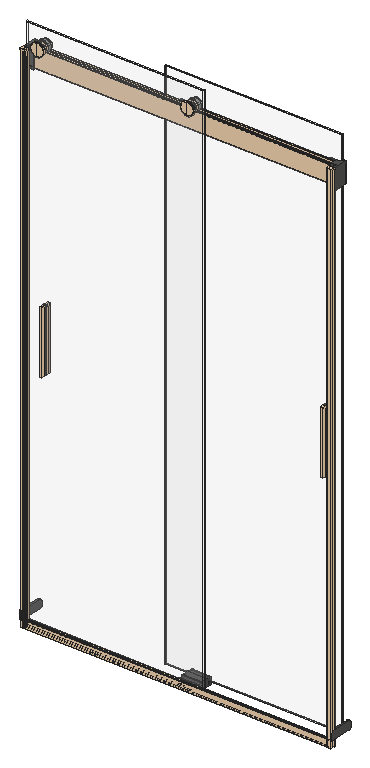
Revit family "Shower-Shower_Door-KOHLER-Levity-K-706375", category Specialty Equipment, host Face, Revit 2021 (continued)
Definition of nested family "K-706375"
  Automatic sketch dimensions
    Masking region 4 sketch curve to Masking region 4 sketch curve = 0.0397"  (x3)
    Masking region 4 sketch curve to Masking region 4 sketch curve = 0.04154"  (x3)
    plane 20 to Masking region 4 sketch curve = 3/16"
    plane 20 to Masking region 4 sketch curve = 0.18712"
    Masking region 4 sketch curve to Masking region 4 sketch curve = 0.00055"
    plane 20 to Masking region 4 sketch curve = 0.1627"
    plane 20 to Masking region 4 sketch curve = 0.15592"
    plane 20 to Masking region 4 sketch curve = 33/256"
    Masking region 4 sketch curve to Masking region 4 sketch curve = 0.02702"
    plane 20 to Masking region 4 sketch curve = 0.00499"
    Masking region 4 sketch curve to plane 20 = 0.00903"
    Masking region 4 sketch curve to plane 20 = 0.10202"
    Masking region 4 sketch curve to Masking region 4 sketch curve = 0.027"
    plane 18 "s4" to Masking region 4 sketch curve = 0.54747"
    plane 18 "s4" to Masking region 4 sketch curve = 0.65912"
    Masking region 4 sketch curve to plane 25 = 0.15592"
    plane 23 to Masking region 4 sketch curve = 0.20048"
    Masking region 4 sketch curve to plane 19 = 0.1122"  (x2)
    Masking region 4 sketch curve to plane 25 = 0.39674"
    Masking region 4 sketch curve to Masking region 4 sketch curve = 0.04281"  (x3)
    Masking region 4 sketch curve to Masking region 4 sketch curve = 0.19751"
    Masking region 4 sketch curve to plane 25 = 0.17688"
    plane 25 to Masking region 4 sketch curve = 0.04387"
    plane 25 to Masking region 4 sketch curve = 0.17516"
    Masking region 4 sketch curve to Masking region 4 sketch curve = 0.25274"
    Masking region 4 sketch curve to Masking region 4 sketch curve = 0.20721"
    Masking region 4 sketch curve to Masking region 4 sketch curve = 0.29588"
    Masking region 4 sketch curve to Masking region 4 sketch curve = 0.12597"
    Masking region 4 sketch curve to Masking region 4 sketch curve = 0.19429"
    Masking region 4 sketch curve to Masking region 4 sketch curve = 0.0129"
    Extrusion 25 sketch curve to plane 24 = 0"
    plane 1 "Center (Front/Back)" to Extrusion 25 sketch curve = 0.22079"
    plane 12 to Extrusion 25 sketch curve = 0.45683"
    plane 20 to Extrusion 28 sketch curve = 3/16"
    Extrusion 28 sketch curve to plane 25 = 0.6762"
    Extrusion 28 sketch curve to plane 25 = 0.15608"
    plane 25 to Extrusion 28 sketch curve = 0.15608"
    plane 23 to Extrusion 28 sketch curve = 0.18346"
    curve 95 to plane 6 = 0"
    curve 105 to plane 6 = 0"
    curve 97 to plane 12 = 0"
    curve 96 to plane 12 = 0"
    curve 102 to plane 12 = 0"
    curve 153 to plane 14 "s2" = 0"
    curve 142 to plane 3 "Center (Left/Right)" = 0"
    curve 199 to plane 19 = 0"
    curve 192 to plane 19 = 0"
    curve 197 to plane 19 = 0"
    curve 194 to plane 5 = 0"
    curve 190 to plane 5 = 0"
    curve 200 to plane 5 = 0"
    curve 95 to curve 95 = 0.02216"
    curve 96 to plane 12 = 0.02069"
    curve 94 to plane 12 = 0.02027"
    plane 1 "Center (Front/Back)" to curve 101 = 0.04655"
    curve 101 to curve 101 = 0.10945"
    curve 100 to curve 103 = 0.23833"
    curve 103 to curve 104 = 0.10905"
    curve 186 to curve 113 = 0.60823"
    curve 108 to curve 109 = 0.00023"
    curve 109 to curve 107 = 0.03977"
    plane 24 to curve 111 = 0.20736"
    curve 109 to curve 111 = 0.04162"
    plane 11 "s1" to curve 126 = 0.7443"
    curve 127 to curve 128 = 0"
    curve 127 to curve 137 = 0.03455"
    curve 132 to curve 137 = 9/256"
    curve 107 to curve 106 = 0.23686"
    curve 138 to curve 133 = 0.02475"
    curve 126 to curve 129 = 0.19684"
    curve 125 to curve 128 = 0.01657"
    plane 13 to curve 121 = 0.10194"
    plane 13 to curve 131 = 0.02619"
    plane 13 to curve 119 = 0.00815"
    curve 133 to plane 13 = 0.09445"
    curve 122 to plane 13 = 0.10197"
    curve 116 to plane 13 = 0.10447"
    curve 133 to curve 135 = 0.03097"
    curve 135 to curve 135 = 0.02969"
    curve 130 to plane 13 = 0.1562"
    curve 117 to curve 118 = 0.08252"
    curve 129 to curve 126 = 0.03346"
    curve 134 to curve 127 = 0.03455"
    curve 122 to curve 114 = 0.23752"
    curve 110 to curve 116 = 0.00161"
    curve 116 to curve 123 = 0.04"
    plane 24 to curve 149 = 0.24892"
    plane 14 "s2" to curve 149 = 0.93569"
    curve 150 to curve 148 = 0.04041"
    curve 149 to curve 147 = 0.04155"
    plane 14 "s2" to curve 165 = 0.7443"
    curve 166 to curve 165 = 0"
    curve 176 to curve 163 = 0.03346"
    curve 166 to curve 166 = 0.03455"
    curve 167 to curve 169 = 0.03003"  (x2)
    curve 169 to curve 168 = 0.03133"
    curve 165 to curve 164 = 0.19684"
    curve 164 to curve 176 = 0.00661"
    curve 175 to plane 14 "s2" = 0.52577"
    curve 175 to curve 179 = 0.02169"
    curve 175 to curve 173 = 0.12459"
    curve 148 to plane 14 "s2" = 0.65912"
    curve 168 to curve 172 = 0.02797"
    curve 172 to curve 171 = 0.03142"
    curve 178 to curve 180 = 0.16338"
    curve 171 to curve 174 = 0.03455"
    curve 179 to curve 177 = 0.03346"
    curve 148 to curve 153 = 0.23502"
    plane 24 to curve 157 = 0.41457"
    curve 153 to curve 157 = 0.00185"
    curve 157 to curve 155 = 0.03971"
    plane 1 "Center (Front/Back)" to curve 142 = 0.04655"
    plane 20 to curve 215 = 0.1562"
    curve 189 to curve 191 = 0.08991"
    plane 19 to curve 198 = 0.02837"
    plane 19 to curve 193 = 0.02874"
    plane 19 to curve 199 = 0.02874"
    plane 5 to curve 198 = 0.02911"
    plane 5 to curve 200 = 0.02874"
    plane 5 to curve 193 = 0.02858"
    curve 120 to curve 122 = 0.0195"
    plane 24 to curve 147 = 0.20736"
    curve 122 to curve 122 = 0.01043"
    curve 121 to curve 121 = 0.02995"
    curve 110 to curve 114 = 0.04162"
    curve 109 to curve 108 = 0.12559"
    curve 156 to curve 157 = 0.03937"
    curve 108 to curve 124 = 0.04"
    plane 1 "Center (Front/Back)" to curve 189 = 0.33981"
    curve 103 to curve 100 = 0.17384"
    curve 190 to curve 193 = 0.02775"
    curve 118 to curve 119 = 0.04341"
    curve 119 to curve 117 = 0.01945"
    curve 179 to plane 1 "Center (Front/Back)" = 0.35633"
    curve 125 to plane 1 "Center (Front/Back)" = 0.35633"
    curve 178 to curve 177 = 0.12547"
    curve 129 to curve 126 = 0.12547"
    curve 177 to curve 175 = 0.18787"
    curve 139 to curve 131 = 0.18787"
    curve 166 to curve 170 = 0.28129"
    curve 134 to curve 136 = 0.28131"
    curve 170 to curve 169 = 0.0013"
    curve 136 to curve 134 = 0.00128"
    curve 171 to curve 173 = 0.00345"
    curve 132 to curve 138 = 0.00623"
    curve 134 to curve 135 = 0.02969"
    curve 216 to plane 25 = 0.35393"
    plane 25 to curve 199 = 0.05113"
    plane 25 to curve 200 = 7/128"
    plane 25 to curve 96 = 0.06136"
    plane 25 to curve 95 = 0.06496"
    curve 218 to curve 127 = 0.56158"
    curve 99 to curve 125 = 0.16338"
    plane 13 to curve 139 = 0.00718"
    curve 116 to curve 118 = 0.05181"
    curve 129 to curve 140 = 0.00604"
    curve 118 to curve 187 = 0.00891"
    curve 130 to curve 99 = 0.0313"
    plane 23 to curve 203 = 0.36788"
    curve 203 to plane 16 "S3" = 0.9358"
    curve 204 to curve 203 = 0"  (x2)
    curve 205 to plane 25 = 0.15592"
    curve 203 to curve 205 = 0.22495"
    plane 25 to curve 201 = 0.15608"
    curve 205 to curve 201 = 0.05172"
    curve 203 to curve 202 = 0.27668"
    curve 205 to curve 206 = 0.16338"
    plane 16 "S3" to curve 206 = 0.54747"
    plane 16 "S3" to curve 202 = 0.65912"
    curve 201 to curve 202 = 0"
    curve 206 to curve 205 = 0.16338"
    curve 202 to curve 203 = 0.27668"
    curve 145 to plane 1 "Center (Front/Back)" = 0.156"
    curve 145 to curve 162 = 0.92124"
    curve 146 to curve 145 = 0"
    curve 162 to curve 161 = 0.05172"
    curve 164 to curve 229 = 0.00272"
    curve 143 to plane 25 = 0.24276"
    curve 171 to curve 143 = 0.43069"
    curve 207 to curve 143 = 0"
    curve 180 to curve 145 = 0.42961"
    curve 144 to curve 143 = 0"
    curve 160 to curve 145 = 0"
    curve 185 to curve 145 = 0"
    plane 20 to curve 210 = 0.38103"
    curve 211 to curve 210 = 0"  (x2)
    curve 213 to curve 216 = 0.0313"
    plane 20 to curve 212 = 3/16"
    plane 20 to curve 209 = 0.15592"
    plane 20 to curve 208 = 33/256"
    curve 209 to curve 214 = 0.05528"
    curve 217 to plane 20 = 0.00718"
    curve 208 to plane 20 = 0.12902"
    plane 18 "s4" to curve 215 = 0.54747"
    plane 18 "s4" to curve 209 = 0.65912"
    plane 25 to curve 212 = 0.15622"
    curve 212 to curve 209 = 0"
    curve 215 to curve 213 = 0.16338"
    curve 209 to curve 210 = 0.27656"
    curve 196 to plane 4 = 0.26384"
    plane 24 to curve 189 = 0.08976"
    plane 24 to curve 104 = 0.08876"
    curve 106 to curve 186 = 0.07258"
    curve 160 to curve 160 = 0.22099"
    plane 1 "Center (Front/Back)" to curve 192 = 0.08606"
    curve 102 to plane 1 "Center (Front/Back)" = 0.04664"
    curve 99 to plane 1 "Center (Front/Back)" = 0.156"
    curve 197 to plane 1 "Center (Front/Back)" = 0.27119"
    curve 102 to curve 97 = 0.23158"
    curve 98 to plane 1 "Center (Front/Back)" = 0.4011"
    curve 163 to curve 146 = 0.04478"
    curve 196 to plane 1 "Center (Front/Back)" = 0.4011"
    curve 139 to curve 140 = 0.04478"
    curve 145 to curve 185 = 0.2451"
    curve 221 to curve 177 = 0.01441"
    curve 229 to curve 164 = 0.01441"
    curve 98 to curve 224 = 0.06628"
    curve 166 to curve 227 = 0.01434"
    curve 221 to curve 220 = 0.40449"
    curve 224 to curve 223 = 0.40449"
    curve 223 to curve 222 = 0.04996"
    curve 227 to curve 226 = 0.04996"
    curve 220 to curve 219 = 0.04996"
    curve 219 to curve 228 = 0.08675"
    curve 222 to curve 218 = 0.08675"
    curve 226 to curve 225 = 0.08675"
    curve 218 to curve 98 = 0.33544"
    curve 228 to curve 196 = 0.33544"
    curve 217 to curve 217 = 0.04281"
    curve 207 to curve 143 = 0.15398"
    curve 206 to curve 205 = 0.19801"
    curve 97 to plane 25 = 0.26776"
    curve 197 to plane 25 = 0.24623"
    curve 213 to plane 25 = 0.15592"
    curve 216 to plane 25 = 0.15591"
    plane 25 to curve 212 = 0.15608"
    plane 25 to curve 144 = 0.24445"
    curve 202 to curve 203 = 0.03982"
    curve 214 to curve 214 = 0.29588"
    curve 209 to curve 211 = 0.0397"
    curve 203 to curve 204 = 0.12574"
    curve 211 to curve 210 = 0.12597"
    plane 23 to curve 208 = 0.20048"
    radius of curve 24 = 0.93567"
    radius of curve 25 = 0.89414"
Types (6): name | Type | Model | Finish
  (no name) | 1 | "K-706375-L-2MB" | Kohler-Metal-2MB-Vibrant_Brushed_Moderne_Brass
  2MB-Vibrant Brushed Moderne Brass | 1 | "K-706375-L-2MB" | Kohler-Metal-2MB-Vibrant_Brushed_Moderne_Brass
  ABZ-Anodized Dark Bronze | 2 | "K-706375-L-ABZ" | Kohler-Metal-ABZ-Anodized_Dark_Bronze
  BL-Matte Black | 3 | "K-706375-L-BL" | Kohler-Metal-BL-Matte_Black
  NX-Brushed Nickel | 4 | "K-706375-L-NX" | Kohler-Metal-NX-Brushed_Nickel
  SHP-Bright Polished Silver | 5 | "K-706375-L-SHP" | Kohler-Metal-SHP-Bright_Polished_Silver
